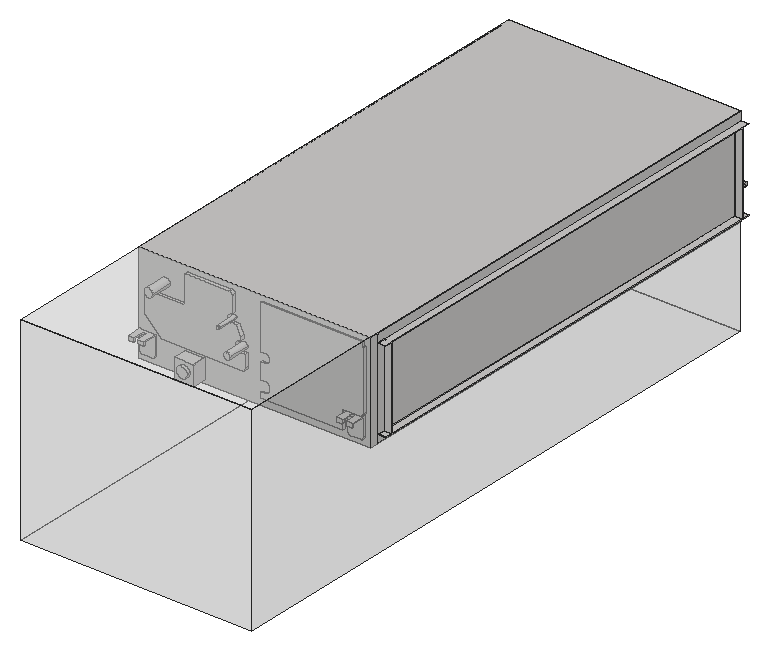
Revit family "outputfile", category 機械設備, Revit 2024
Family settings
  丸型コネクタ寸法 = 半径を使用
  パーツ タイプ = 標準
  OmniClass 番号 = 23.75.10.24.21.27.27
  OmniClass タイトル = Split System Air Conditioning Units
  作業面ベース = いいえ
  常に垂直 = はい
  ロード時にボイドで切り取り = いいえ
  注釈の向きを維持 = いいえ
  共有 = いいえ
  部屋計算ポイント = はい
Parameters (values of type "FXMQ200BFV2S")
  Description = ""
  製造元 = "Daikin"
  書き出し IFC クラス(タイプ) = "IfcUnitaryEquipmentType"
  定義済み IFC タイプ(タイプ) = "AIRCONDITIONINGUNIT"
  Cost = 0
  モデル = "FXMQ200BFV2S"
  Type Comments = ""
  Keynote = ""
  Type Image = (empty or 0)
  Assembly Code = ""
  w_dischargeflange = 1205.0 mm
  w_suctionflange = 1370.0 mm
  r_Liquid Pipe Size = Liquid Pipe Size / 2  # 4.75 mm
  r_Gas Pipe Size = Gas Pipe Size / 2  # 9.55 mm
  r_Drain Pipe Size = Drain Pipe Size / 2  # 12.5 mm
  lw_powersupply = 380.0 mm  # constant formula
  lw_mountinghole_pitch = 631.0 mm  # constant formula
  lw_mountinghole = 27.0 mm  # constant formula
  lw_maintenacesocket = 169.0 mm  # constant formula
  lw_liquidpipe = 290.0 mm  # constant formula
  lw_gaspipe = 318.0 mm  # constant formula
  lw_drainpipe = 80.0 mm  # constant formula
  lh_dischargeflange = 165.0 mm  # constant formula
  lh_powersupply = 56.0 mm  # constant formula
  lh_maintenacesocket = 40.0 mm  # constant formula
  lh_liquidpipe = 212.0 mm  # constant formula
  lh_gaspipe = 144.0 mm  # constant formula
  lh_drainpipe = 232.0 mm  # constant formula
  lh_suctionflange = 150.0 mm  # constant formula
  lh_antena = Height - lh_mountinghole + 1.0 mm  # 221.0 mm
  ld_dischargeflange = 635.0 mm
  ld_powersupply = Depth / 2  # 700.0 mm
  ld_mountinghole_pitch = 1438.0 mm
  ld_suctionflange = 713.0 mm
  h_dischargeflange = 265.0 mm  # constant formula
  lh_mountinghole = 80.0 mm  # constant formula
  h_mountinghole = [h***] + lh_mountinghole  # 80.0 mm
  h_suctionflange = 297.0 mm  # constant formula
  h*** = 0.0 mm  # constant formula
  d_dischargeflange = 25.0 mm  # constant formula
  d_pipe = 65.0 mm
  d_suctionflange = 25.0 mm  # constant formula
  Width = 700.0 mm
  Voltage_comment_50Hz = "220-240"
  Voltage_50Hz = 230 V
  Version = "ver.1.0"
  Unit Type = "Outdoor Air Processing Unit"
  Unit Mass Weight = 46.00 kg
  Unit Designation [instance] = ""
  Uniclass2015Version = "Products v1.30"
  Uniclass2015Title = "Variable refrigerant flow units"
  Uniclass2015Code = "Pr_70_65_03_94"
  URL = ""
  Total Cooling Capacity [instance] = 0.000 kW
  Supply Air Direction [instance] = yes
  Sound Pressure Level_M speed (dBA) = 35
  Sound Pressure Level_L speed (dBA) = 26
  Sound Pressure Level_H speed (dBA) = 42
  Sound Power Level_H speed (dB) = 0
  Series = "VRV Fan Coil Unit"
  Sensible Cooling Capacity [instance] = 0.000 kW
  SA Duct Size Width = 1160.0 mm
  SA Duct Size Height = 215.0 mm
  Refrigerant Type = "R410A"
  Power Input (Cooling) = 0.115 kW
  Phase_50Hz = 1
  Option Accessory 3 [instance] = ""
  Option Accessory 2 [instance] = ""
  Option Accessory 1 [instance] = ""
  OA Duct Size Width = 1325.0 mm
  OA Duct Size Height = 247.0 mm
  Nominal Cooling Capacity = 22.400 kW
  Minimum External Static Pressure = 50.00 Pa
  Minimum Circuit Amps_50Hz = 2.75 A
  Minimum Airflow = 870.00 m³/h
  Median Airflow = 1308.00 m³/h
  Maximum Fuse Amps_50Hz = 16.0 A
  Maximum External Static Pressure = 200.00 Pa
  Maximum Airflow = 1740.00 m³/h
  Material_Casing = DAIKIN_GalvanizedSteel_Casing_indoorunit
  Load Classification = HVAC
  Liquid Pipe Size = 9.5 mm
  Link_Nested Family [instance] = ""
  IfcVersion = "0"
  IfcExportType = "AIRCONDITIONINGUNIT"
  IfcExportAs = "IfcUnitaryEquipmentType"
  Height = 300.0 mm
  Heat Exchanger Type = "Cross Fin Coil"
  Gas Pipe Size = 19.1 mm
  Frequency_50Hz = 50 Hz
  Fan Type = "Sirocco Fan"
  Fan Drive = "Direct Drive"
  FCU Tag No. [instance] = ""
  Drain Pipe Size = 25.0 mm
  Design Supply Airflow [instance] = 0.00 m³/h
  Design Outdoor Airflow [instance] = 0.00 m³/h
  Design External Static Pressure [instance] = 0.00 Pa
  Depth = 1400.0 mm
  既定の高さ = 0.0 mm
  Cooling Entering Wet Bulb Temperature [instance] = 0.00 °C
  Cooling Entering Dry Bulb Temperature [instance] = 0.00 °C
  Cooling Ambient Wet Bulb Temperature [instance] = 0.00 °C
  Cooling Ambient Dry Bulb Temperature [instance] = 0.00 °C
  Clearance visibility [instance] = yes
  Clearance Top = 0.0 mm
  Clearance Right = 0.0 mm
  Clearance Rear = 0.0 mm
  Clearance Left = 0.0 mm
  Clearance Front = 450.0 mm
  Clearance Bottom = 300.0 mm
Reference planes
  plane 1 "Center (Front/Back)": y = 0
  plane 2: z = 0
  plane 3 "Center (Left/Right)": x = 0
  plane 4 "Back": y = 700
  plane 5 "Front": y = -700
  plane 6 "Left": x = -350
  plane 7 "Right": x = 350
  plane 8 "Top": z = 0
  plane 9 "Bottom": z = -300
  plane 10: y = 700
  plane 11: y = -1150
  plane 12: x = 350
  plane 13: x = -350
  plane 14: z = 0
  plane 15: z = -600
  plane 16: y = -706
  plane 17: y = -710
  plane 18: y = -741
  plane 19: y = -749
  plane 20: y = -765
  plane 21 "ld_drainpipe": x = -270
  plane 22 "ld_liquidpipe": x = -60
  plane 23 "ld_gaspipe": x = -32
  plane 24 "lh_gaspipe": z = -156
  plane 25 "lh_drainpipe": z = -68
  plane 26 "lh_liquidpipe": z = -88
  plane 27 "h_mountinghole": z = -220
  plane 28: x = -323
  plane 29: x = 308
  plane 30: y = 719
  plane 31: y = -719
  plane 32 "lh_powersuply": z = -244
  plane 33 "ld_powersupply": x = 30
  plane 34 "lh_suctionflange": z = -150
  plane 35 "ld_suctionflange": y = 13
  plane 36 "ld_dischargeflange": y = 65
  plane 37 "lh_dischargeflange": z = -135
  plane 38 "lh_maintenacesocket": z = -260
  plane 39 "lw_maintenacesocket": x = -181
Forms (mm)
  Extrusion 1, solid, material "DAIKIN_GalvanizedSteel_Casing_indoorunit" <- "Material_Casing"
    sketch origin (0, 0, 0) x (1, 0, 0) y (0, 0, 1)
      loop
        line (-350, 0) -> (-350, -300) -> (350, -300) -> (350, 0) -> (-350, 0)
    from -700 to 700
  Extrusion 2, solid, material "DAIKIN_GalvanizedSteel_Casing_indoorunit" <- "Material_Casing"
    sketch origin (0, 0, 0) x (1, 0, 0) y (0, 0, 1)
      loop
        line (23.104, -151.299) -> (41.1, -151.326)
        arc (41.1, -151.326) -> (46.767, -153.673) -> (49.114, -159.34) r 8.015
        line (49.114, -159.34) -> (49.104, -169.302)
        arc (49.104, -169.302) -> (46.761, -174.959) -> (41.104, -177.302) r 8
        line (41.104, -177.302) -> (23.104, -177.302) -> (23.104, -227.302) -> (41.104, -227.302)
        arc (41.104, -227.302) -> (46.761, -229.645) -> (49.104, -235.302) r 8
        line (49.104, -235.302) -> (49.104, -251.302)
        arc (49.104, -251.302) -> (46.761, -256.959) -> (41.104, -259.302) r 8
        line (41.104, -259.302) -> (23.104, -259.302) -> (23.104, -274.802) -> (271.104, -274.802) -> (271.104, -224.802)
        arc (271.104, -224.802) -> (272.568, -221.266) -> (276.104, -219.802) r 5
        line (276.104, -219.802) -> (327.104, -219.802)
        spline (327.104, -219.802) -> (327.496, -219.776) -> (327.88, -219.7) -> (328.252, -219.574) -> (328.604, -219.4) -> (328.93, -219.182) -> (329.225, -218.923) -> (329.484, -218.628) -> (329.702, -218.302) -> (329.876, -217.95) -> (330.002, -217.578) -> (330.078, -217.194) -> (330.104, -216.802)
        line (330.104, -216.802) -> (330.104, -213) -> (332, -213)
        arc (332, -213) -> (334.121, -212.121) -> (335, -210) r 3
        line (335, -210) -> (335, -32)
        arc (335, -32) -> (334.121, -29.879) -> (332, -29) r 3
        line (332, -29) -> (330.104, -29) -> (330.104, -15.8) -> (23.104, -15.8) -> (23.104, -151.299)
    from 700 to 706
  Extrusion 3, solid, material "DAIKIN_GalvanizedSteel_Casing_indoorunit" <- "Material_Casing"
    sketch origin (0, 0, 0) x (1, 0, 0) y (0, 0, 1)
      loop
        line (-70, -15.8) -> (-201, -15.8)
        arc (-201, -15.8) -> (-203.121, -16.679) -> (-204, -18.8) r 3
        line (-204, -18.8) -> (-204, -102) -> (-321, -102)
        arc (-321, -102) -> (-323.121, -102.879) -> (-324, -105) r 3
        line (-324, -105) -> (-324, -167.757)
        arc (-324, -167.757) -> (-323.772, -168.905) -> (-323.121, -169.879) r 3
        line (-323.121, -169.879) -> (-274.879, -218.121)
        arc (-274.879, -218.121) -> (-273.905, -218.772) -> (-272.757, -219) r 3
        line (-272.757, -219) -> (-30, -219)
        arc (-30, -219) -> (-22.929, -216.071) -> (-20, -209) r 10
        line (-20, -209) -> (-20, -172.5) -> (-26.169, -172.5)
        arc (-26.169, -172.5) -> (-49.051, -159.94) -> (-34, -138.615) r 17.5
        line (-34, -138.615) -> (-34, -127.5) -> (-47, -100.5) -> (-56.429, -100.5)
        arc (-56.429, -100.5) -> (-72.874, -89.803) -> (-60, -75) r 13
        line (-60, -75) -> (-60, -25.8)
        arc (-60, -25.8) -> (-62.929, -18.729) -> (-70, -15.8) r 10
    from 710 to 700
  Extrusion 4, solid, material "DAIKIN_GalvanizedSteel_Casing_indoorunit" <- "Material_Casing"
    sketch origin (0, 0, 0) x (1, 0, 0) y (0, 0, 1)
      loop
        line (-209.102, -232.7) -> (-209.102, -292.398) -> (-152.898, -292.398) -> (-152.898, -232.7)
        arc (-152.898, -232.7) -> (-153.133, -232.133) -> (-153.7, -231.898) r 0.802
        line (-153.7, -231.898) -> (-208.298, -231.898)
        arc (-208.298, -231.898) -> (-208.865, -232.133) -> (-209.102, -232.7) r 0.802
    from 700 to 741
  Extrusion 5, solid, material "DAIKIN_GalvanizedSteel_Casing_indoorunit" <- "Material_Casing"
    sketch origin (0, 0, 0) x (1, 0, 0) y (0, 0, 1)
      loop
        circle (-181, -260) r 16.5
    from 741 to 749
  Extrusion 6, solid, material "DAIKIN_GalvanizedSteel_Casing_indoorunit" <- "Material_Casing"
    sketch origin (0, 0, 0) x (1, 0, 0) y (0, 0, 1)
      loop
        circle (-270, -68) r 12.5
      loop
        circle (-60, -88) r 4.75
      loop
        circle (-32, -156) r 9.55
    from 700 to 765
Dimensions and locks
  "Height": plane 8 "Top" to plane 9 "Bottom"
  equal spacing: plane 6 "Left", plane 3 "Center (Left/Right)", plane 7 "Right", locked at 350 each
  "Width": plane 6 "Left" to plane 7 "Right"
  equal spacing: plane 4 "Back", plane 1 "Center (Front/Back)", plane 5 "Front"
  "Depth": plane 4 "Back" to plane 5 "Front"
  "Clearance Left": plane 13 to plane 6 "Left"
  "Clearance Right": plane 7 "Right" to plane 12
  "Clearance Rear": plane 10 to plane 4 "Back"
  "Clearance Front": plane 5 "Front" to plane 11
  "Clearance Top": plane 14 to plane 8 "Top"
  "Clearance Bottom": plane 9 "Bottom" to plane 15
  Extrusion 2 sketch curve to Extrusion 2 sketch curve to Extrusion 2 sketch curve = 307.0 mm locked, 4.896 mm locked
  Extrusion 2 sketch curve to Extrusion 2 sketch curve to Extrusion 2 sketch curve to Extrusion 2 sketch curve to Extrusion 2 sketch curve = 26.0 mm locked, 222.0 mm locked, 59.0 mm locked, 4.896 mm locked
  locked: Extrusion 2 sketch curve to Extrusion 2 sketch curve at 26.01
  locked: Extrusion 2 sketch curve to nested 1 at 23.104
  locked: Extrusion 2 sketch curve to plane 3 "Center (Left/Right)" at 23.104
  plane 3 "Center (Left/Right)" to Extrusion 2 sketch curve = 23.104 mm
  Extrusion 2 sketch curve to Extrusion 2 sketch curve to Extrusion 2 sketch curve to Extrusion 2 sketch curve to Extrusion 2 sketch curve = 161.502 mm locked, 50.0 mm locked, 32.0 mm locked, 15.5 mm locked
  locked: Extrusion 2 sketch curve to Extrusion 2 sketch curve at 68.127
  locked: Extrusion 2 sketch curve to Extrusion 2 sketch curve at 13.2
  locked: Extrusion 2 sketch curve to Extrusion 2 sketch curve at 6.802
  locked: Extrusion 2 sketch curve to Extrusion 2 sketch curve at 55
  locked: plane 5 "Front" to plane 16 at 6
  locked: plane 5 "Front" to plane 17 at 10
  locked: plane 5 "Front" to plane 18 at 41
  "d_pipe": plane 5 "Front" to plane 20
  "lw_drainpipe": plane 6 "Left" to plane 21 "ld_drainpipe"
  "lw_liquidpipe": plane 6 "Left" to plane 22 "ld_liquidpipe"
  "lw_gaspipe": plane 6 "Left" to plane 23 "ld_gaspipe"
  "lh_gaspipe": plane 24 "lh_gaspipe" to plane 9 "Bottom"
  "lh_liquidpipe": plane 26 "lh_liquidpipe" to plane 9 "Bottom"
  "lh_drainpipe": plane 25 "lh_drainpipe" to plane 9 "Bottom"
  "lh_mountinghole": plane 27 "h_mountinghole" to plane 9 "Bottom"
  "lw_mountinghole": plane 6 "Left" to plane 28
  "lw_mountinghole_pitch": plane 28 to plane 29
  equal spacing: plane 30, plane 1 "Center (Front/Back)", plane 31
  "ld_mountinghole_pitch": plane 30 to plane 31
  locked: Extrusion 3 sketch curve to plane 6 "Left" at 146
  locked: Extrusion 3 sketch curve to plane 6 "Left" at 290
  locked: plane 6 "Left" to Extrusion 3 sketch curve at 26
  locked: Extrusion 3 sketch curve to plane 6 "Left" at 316
  locked: Extrusion 3 sketch curve to plane 6 "Left" at 330
  locked: Extrusion 3 sketch curve to plane 9 "Bottom" at 81
  locked: Extrusion 3 sketch curve to plane 9 "Bottom" at 284.2
  locked: Extrusion 3 sketch curve to plane 9 "Bottom" at 199.5
  locked: Extrusion 3 sketch curve to plane 9 "Bottom" at 127.5
  locked: Extrusion 3 sketch curve to plane 9 "Bottom" at 198
  "lh_powersupply": plane 32 "lh_powersuply" to plane 9 "Bottom"
  "lw_powersupply": plane 6 "Left" to plane 33 "ld_powersupply"
  "lh_suctionflange": plane 34 "lh_suctionflange" to plane 9 "Bottom"
  "ld_suctionflange": plane 35 "ld_suctionflange" to plane 5 "Front"
  "ld_dischargeflange": plane 4 "Back" to plane 36 "ld_dischargeflange"
  "lh_dischargeflange": plane 37 "lh_dischargeflange" to plane 9 "Bottom"
  locked: plane 5 "Front" to plane 19 at 49
  "lh_maintenacesocket": plane 38 "lh_maintenacesocket" to plane 9 "Bottom"
  "lw_maintenacesocket": plane 6 "Left" to plane 39 "lw_maintenacesocket"
  equal spacing: Extrusion 4 sketch curve, plane 39 "lw_maintenacesocket", Extrusion 4 sketch curve
  locked: Extrusion 4 sketch curve to Extrusion 4 sketch curve at 56.204
  Extrusion 4 sketch curve to plane 38 "lh_maintenacesocket" to Extrusion 4 sketch curve = 28.102 mm locked, 32.398 mm locked
  "r_Drain Pipe Size": radius of Extrusion 6 sketch curve
  "r_Liquid Pipe Size": radius of Extrusion 6 sketch curve
  "r_Gas Pipe Size": radius of Extrusion 6 sketch curve
  aligned and locked: level to plane 2
  aligned and locked: Extrusion 1 sketch curve to plane 8 "Top"
  aligned and locked: plane 6 "Left" to Extrusion 1 sketch curve
  aligned and locked: plane 9 "Bottom" to Extrusion 1 sketch curve
  aligned and locked: Extrusion 1 sketch curve to plane 7 "Right"
  aligned and locked: plane 4 "Back" to Extrusion 1
  aligned and locked: Extrusion 1 to plane 5 "Front"
  aligned and locked: plane 10 to nested 1
  aligned and locked: plane 11 to nested 1
  aligned and locked: plane 12 to nested 1
  aligned and locked: nested 1 to plane 13
  aligned and locked: plane 15 to nested 1
  aligned and locked: plane 14 to nested 1
  aligned and locked: Extrusion 2 to plane 16
  aligned and locked: plane 5 "Front" to Extrusion 2
  aligned and locked: Extrusion 4 to plane 18
  aligned and locked: plane 5 "Front" to Extrusion 4
  aligned and locked: Extrusion 5 to plane 19
  aligned and locked: plane 18 to Extrusion 5
  aligned and locked: plane 25 "lh_drainpipe" to Extrusion 6 sketch curve
  aligned and locked: plane 21 "ld_drainpipe" to Extrusion 6 sketch curve
  aligned and locked: plane 26 "lh_liquidpipe" to Extrusion 6 sketch curve
  aligned and locked: plane 22 "ld_liquidpipe" to Extrusion 6 sketch curve
  aligned and locked: plane 23 "ld_gaspipe" to Extrusion 6 sketch curve
  aligned and locked: plane 24 "lh_gaspipe" to Extrusion 6 sketch curve
  aligned and locked: Extrusion 6 to plane 20
  aligned and locked: plane 5 "Front" to Extrusion 6
  aligned and locked: nested 2 to plane 5 "Front"
  aligned and locked: nested 2 to plane 21 "ld_drainpipe"
  aligned and locked: plane 25 "lh_drainpipe" to nested 2
  aligned and locked: nested 3 to plane 5 "Front"
  aligned and locked: nested 4 to plane 5 "Front"
  aligned and locked: plane 26 "lh_liquidpipe" to nested 3
  aligned and locked: plane 24 "lh_gaspipe" to nested 4
  aligned and locked: plane 29 to nested 5
  aligned and locked: plane 4 "Back" to nested 5
  aligned and locked: plane 27 "h_mountinghole" to nested 5
  aligned and locked: plane 28 to nested 6
  aligned and locked: plane 4 "Back" to nested 6
  aligned and locked: plane 27 "h_mountinghole" to nested 6
  aligned and locked: nested 7 to plane 29
  aligned and locked: plane 5 "Front" to nested 7
  aligned and locked: plane 5 "Front" to nested 8
  aligned and locked: nested 8 to plane 28
  aligned and locked: nested 7 to plane 27 "h_mountinghole"
  aligned and locked: nested 8 to plane 27 "h_mountinghole"
  aligned and locked: Extrusion 3 to plane 17
  aligned and locked: plane 5 "Front" to Extrusion 3
  aligned and locked: nested 11 to plane 28
  aligned and locked: nested 11 to plane 30
  aligned and locked: nested 12 to plane 29
  aligned and locked: nested 12 to plane 30
  aligned and locked: nested 9 to plane 29
  aligned and locked: plane 31 to nested 9
  aligned and locked: nested 10 to plane 28
  aligned and locked: plane 31 to nested 10
  aligned and locked: nested 13 to plane 32 "lh_powersuply"
  aligned and locked: plane 1 "Center (Front/Back)" to nested 14
  aligned and locked: nested 14 to plane 3 "Center (Left/Right)"
  aligned and locked: plane 34 "lh_suctionflange" to nested 15
  aligned and locked: plane 7 "Right" to nested 15
  aligned and locked: plane 35 "ld_suctionflange" to nested 15
  aligned and locked: nested 16 to plane 36 "ld_dischargeflange"
  aligned and locked: nested 16 to plane 6 "Left"
  aligned and locked: plane 37 "lh_dischargeflange" to nested 16
  aligned and locked: nested 17 to plane 6 "Left"
  aligned and locked: nested 17 to plane 36 "ld_dischargeflange"
  aligned and locked: plane 7 "Right" to nested 18
  aligned and locked: plane 35 "ld_suctionflange" to nested 18
  aligned and locked: nested 18 to plane 34 "lh_suctionflange"
  aligned and locked: nested 17 to plane 37 "lh_dischargeflange"
  aligned and locked: plane 38 "lh_maintenacesocket" to Extrusion 5 sketch curve
  aligned and locked: plane 39 "lw_maintenacesocket" to Extrusion 5 sketch curve
  aligned and locked: nested 3 to plane 22 "ld_liquidpipe"
  aligned and locked: nested 4 to plane 23 "ld_gaspipe"
  aligned and locked: nested 13 to plane 33 "ld_powersupply"
  aligned and locked: level to plane 8 "Top"
Automatic sketch dimensions
  Extrusion 2 sketch curve to Extrusion 2 sketch curve = 0.027 mm
  Extrusion 2 sketch curve to Extrusion 2 sketch curve = 8.015 mm
  Extrusion 2 sketch curve to Extrusion 2 sketch curve = 8.01 mm
  Extrusion 2 sketch curve to Extrusion 2 sketch curve = 0.0 mm  (x4)
  Extrusion 2 sketch curve to Extrusion 2 sketch curve = 8.0 mm  (x3)
  Extrusion 2 sketch curve to Extrusion 2 sketch curve = 5.0 mm
  Extrusion 2 sketch curve to Extrusion 2 sketch curve = 3.0 mm  (x2)
  Extrusion 2 sketch curve to Extrusion 2 sketch curve = 1.896 mm  (x2)
  Extrusion 2 sketch curve to plane 8 "Top" = 15.8 mm
  Extrusion 4 sketch curve to Extrusion 4 sketch curve = 0.804 mm
  Extrusion 4 sketch curve to Extrusion 4 sketch curve = 0.802 mm  (x2)
  Extrusion 4 sketch curve to Extrusion 4 sketch curve = 0.0 mm
  plane 23 "ld_gaspipe" to Extrusion 3 sketch curve = 0.0 mm
  Extrusion 3 sketch curve to plane 24 "lh_gaspipe" = 0.0 mm
  Extrusion 3 sketch curve to plane 26 "lh_liquidpipe" = 0.0 mm
  plane 28 to Extrusion 3 sketch curve = 0.121 mm
  Extrusion 3 sketch curve to plane 28 = 2.0 mm  (x2)
  plane 21 "ld_drainpipe" to Extrusion 3 sketch curve = 4.879 mm
  plane 21 "ld_drainpipe" to Extrusion 3 sketch curve = 2.757 mm
  Extrusion 3 sketch curve to Extrusion 3 sketch curve = 3.0 mm  (x2)
  plane 22 "ld_liquidpipe" to Extrusion 3 sketch curve = 10.0 mm
  Extrusion 3 sketch curve to plane 22 "ld_liquidpipe" = 3.571 mm
  Extrusion 3 sketch curve to Extrusion 3 sketch curve = 9.429 mm
  Extrusion 3 sketch curve to plane 23 "ld_gaspipe" = 2.0 mm
  Extrusion 3 sketch curve to plane 23 "ld_gaspipe" = 5.831 mm
  Extrusion 3 sketch curve to plane 24 "lh_gaspipe" = 11.757 mm
  Extrusion 3 sketch curve to Extrusion 3 sketch curve = 11.115 mm
  radius of Extrusion 5 sketch curve = 16.5 mm
Nested families
  nested 1: "daikin_clearancespace" at (0, -225, -299.881), visible <- "Clearance visibility", show <- "Clearance visibility", Link_Nested Family <- "Link_Nested Family", type "daikin_clearancespace"
    with width 700.0 mm, show yes, height 600.0 mm, depth 1850.0 mm, Link_Nested Family ""
  nested 2: "daikin_connector_rotate2" at (-270, -700, -68), length <- "d_pipe", radius <- "r_Drain Pipe Size", type "daikin_connector_rotate2"
    with radius 12.5 mm, length 65.0 mm, angle_vertical 90.00°, show_face no
  nested 3: "daikin_connector_rotate2" at (-60, -700, -88), length <- "d_pipe", radius <- "r_Liquid Pipe Size", type "daikin_connector_rotate2"
    with radius 4.75 mm, length 65.0 mm, angle_vertical 90.00°, show_face no
  nested 4: "daikin_connector_rotate2" at (-32, -700, -156), length <- "d_pipe", radius <- "r_Gas Pipe Size", type "daikin_connector_rotate2"
    with radius 9.55 mm, length 65.0 mm, angle_vertical 90.00°, show_face no
  nested 5: "daikin_hangerfixture_FXMQ-BFV2S" at (308, 700, -220) x (-1, 0, 0) z (0, 0, 1), type "daikin_hangerfixture_FXMQ-BFV2S"
  nested 6: "daikin_hangerfixture_FXMQ-BFV2S" at (-323, 700, -220) x (-1, 0, 0) z (0, 0, 1), type "daikin_hangerfixture_FXMQ-BFV2S"
  nested 7: "daikin_hangerfixture_FXMQ-BFV2S" at (308, -700, -220) x (-1, 0, 0) z (0, 0, 1), type "daikin_hangerfixture_FXMQ-BFV2S"
  nested 8: "daikin_hangerfixture_FXMQ-BFV2S" at (-323, -700, -220) x (-1, 0, 0) z (0, 0, 1), type "daikin_hangerfixture_FXMQ-BFV2S"
  nested 9: "daikin_mountinghole" at (308, -719, -300), Link_Nested Family <- "Link_Nested Family", l_antenna <- "lh_antena", h_mountinghole <- "h_mountinghole", type "daikin_mountinghole"
    with show yes, l_antenna 221.0 mm, h_mountinghole 80.0 mm, Link_Nested Family ""
  nested 10: "daikin_mountinghole" at (-323, -719, -300), Link_Nested Family <- "Link_Nested Family", l_antenna <- "lh_antena", h_mountinghole <- "h_mountinghole", type "daikin_mountinghole"
    with show yes, l_antenna 221.0 mm, h_mountinghole 80.0 mm, Link_Nested Family ""
  nested 11: "daikin_mountinghole" at (-323, 719, -300), Link_Nested Family <- "Link_Nested Family", l_antenna <- "lh_antena", h_mountinghole <- "h_mountinghole", type "daikin_mountinghole"
    with show yes, l_antenna 221.0 mm, h_mountinghole 80.0 mm, Link_Nested Family ""
  nested 12: "daikin_mountinghole" at (308, 719, -300), Link_Nested Family <- "Link_Nested Family", l_antenna <- "lh_antena", h_mountinghole <- "h_mountinghole", type "daikin_mountinghole"
    with show yes, l_antenna 221.0 mm, h_mountinghole 80.0 mm, Link_Nested Family ""
  nested 13: "daikin_connector_rotate2" at (30, 0, -244), length <- "ld_powersupply", type "daikin_connector_rotate2"
    with radius 10.0 mm, length 700.0 mm, angle_vertical 90.00°, show_face no
  nested 14: "daikin_△_symbolicline" at (0, 0, 300) x (0, -1, 0) z (0, 0, 1), visible <- "Supply Air Direction", built-in parameter 1001364 <- "Height", type "daikin_△_symbolicline"
    with length 300.0 mm
  nested 15: "daikin_ductflange_FXMQ-BFV2S" at (350, 13, -298.5) x (0, 1, 0) z (0, 0, 1), depth <- "d_suctionflange", height <- "h_suctionflange", width <- "w_suctionflange", material <- "Material_Casing", type "daikin_ductflange_FXMQ-BFV2S"
    with width 1370.0 mm, top1 25.0 mm, right1 22.5 mm, material DAIKIN_GalvanizedSteel_Casing_indoorunit, left1 22.5 mm, height 297.0 mm, depth 25.0 mm, Bottom1 25.0 mm
  nested 16: "daikin_ductflange_FXMQ-BFV2S" at (-350, 65, -267.5) x (0, -1, 0) z (0, 0, 1), material <- "Material_Casing", depth <- "d_dischargeflange", height <- "h_dischargeflange", width <- "w_dischargeflange", type "daikin_ductflange_FXMQ-BFV2S"
    with width 1205.0 mm, top1 25.0 mm, right1 22.5 mm, material DAIKIN_GalvanizedSteel_Casing_indoorunit, left1 22.5 mm, height 265.0 mm, depth 25.0 mm, Bottom1 25.0 mm
  nested 17: "daikin_connector_rotate2" at (-350, 65, -135) x (0, -1, 0) z (0, 0, 1), length <- "d_dischargeflange", type "daikin_connector_rotate2"
    with radius 10.0 mm, length 25.0 mm, angle_vertical 90.00°, show_face no
  nested 18: "daikin_connector_rotate2" at (350, 13, -150) x (0, 1, 0) z (0, 0, 1), length <- "d_suctionflange", type "daikin_connector_rotate2"
    with radius 10.0 mm, length 25.0 mm, angle_vertical 90.00°, show_face no
Connectors
  piping at (-270, -765, -68), diameter 25, driven by "r_Drain Pipe Size"
    settings: on nested 2, index 1, connector inside diameter 609.6 mm, connector length 0.0 mm, flow factor 0, pipe flow 0.00 m³/h, pressure drop 0.0 Pa, fitting loss kfactor 0, connector angle 0.00°, fixture units 0, engagement length 0.0 mm, angle of deflection 0.00°, flow configuration 1, flow direction 2, fitting loss method 4, system type 16, joint type 0, gender type 0, connector reference index -1, connector utility 0, adjustable connector no, is connector primary yes, connector description "Condensate Drain Piping"
  piping at (-60, -765, -88), diameter 9.5, driven by "r_Liquid Pipe Size"
    settings: on nested 3, index 2, connector inside diameter 609.6 mm, connector length 0.0 mm, flow factor 0, pipe flow 0.00 m³/h, pressure drop 0.0 Pa, fitting loss kfactor 0, connector angle 0.00°, fixture units 0, engagement length 0.0 mm, angle of deflection 0.00°, flow configuration 1, flow direction 1, fitting loss method 0, system type 29, joint type 0, gender type 0, connector reference index -1, connector utility 0, adjustable connector no, is connector primary no, connector description "Refrigerant Liquid Piping"
  piping at (-32, -765, -156), diameter 19.1, driven by "r_Gas Pipe Size"
    settings: on nested 4, index 3, connector inside diameter 609.6 mm, connector length 0.0 mm, flow factor 0, pipe flow 0.00 m³/h, pressure drop 0.0 Pa, fitting loss kfactor 0, connector angle 0.00°, fixture units 0, engagement length 0.0 mm, angle of deflection 0.00°, flow configuration 1, flow direction 2, fitting loss method 0, system type 29, joint type 0, gender type 0, connector reference index -1, connector utility 0, adjustable connector no, is connector primary no, connector description "Refrigerant Gas Piping"
  electrical at (30, -700, -244), driven by "Load Classification"
    settings: on nested 13, index 4, voltage 0 V, apparent load 0 VA, apparent load phase1 0 VA, apparent load phase2 0 VA, apparent load phase3 0 VA, power factor 1, load classification "HVAC", number of poles 1, system type 30, power factor state 1, is connector primary yes, connector utility no, sub classification motor no, connector description "Power Supply"
  hvac at (375, 13, -150), driven by "OA Duct Size Height", driven by "OA Duct Size Width"
    settings: on nested 15, index 5, duct flow 0.00 m³/h, flow factor 0, pres drop 0.00 Pa, loss coef 0, conn angle 0.00°, conn width 1325.0 mm, conn height 247.0 mm, conn diameter 609.6 mm, duct sys type 1, conn prof type 1, flow config 0, flow direction 1, loss method 4, conn ref index -1, conn util no, is conn primary no, conn desc "OA Duct"
  hvac at (-375, 65, -135), driven by "SA Duct Size Height", driven by "SA Duct Size Width"
    settings: on nested 16, index 6, duct flow 0.00 m³/h, flow factor 0, pres drop 0.00 Pa, loss coef 0, conn angle 0.00°, conn width 1160.0 mm, conn height 215.0 mm, conn diameter 609.6 mm, duct sys type 1, conn prof type 1, flow config 0, flow direction 2, loss method 4, conn ref index -1, conn util no, is conn primary yes, conn desc "SA Duct"
Definition of nested family "daikin_clearancespace"
  Parameters (values of type "daikin_clearancespace")
    width [instance] = 1823.963 mm
    show [instance] = yes
    material = none
    height [instance] = 1359.762 mm
    depth [instance] = 880.0 mm
    Default Elevation = 0.0 mm
    Link_Nested Family [instance] = ""
  Reference planes
    plane 1 "Center (Front/Back)": y = 0
    plane 2 "Center (Elevation)": z = -0.119
    plane 3 "Center (Left/Right)": x = 0
    plane 4: y = 440
    plane 5: y = -440
    plane 6 "Right": x = 911.982
    plane 7 "Left": x = -911.982
    plane 8 "Top": z = 679.762
    plane 9 "Bottom": z = -680
  Forms (mm)
    Extrusion 1, solid, material <- "material", visible <- "show"
      sketch origin (0, 0, 0) x (1, 0, 0) y (0, 1, 0)
        loop
          line (-911.982, 440) -> (-911.982, -440) -> (911.982, -440) -> (911.982, 440) -> (-911.982, 440)
      from -680 to 679.762
  Lines and regions (mm)
    symbolic lines, visible <- "show"
      curve 1: line (911.982, 440, 0) -> (-911.982, 440, 0)
      curve 2: line (-911.982, 440, 0) -> (-911.982, -440, 0)
      curve 3: line (-911.982, -440, 0) -> (911.982, -440, 0)
      curve 4: line (911.982, -440, 0) -> (911.982, 440, 0)
      curve 5: line (911.982, 0, 679.762) -> (-911.982, 0, 679.762)
      curve 6: line (911.982, 0, -680) -> (911.982, 0, 679.762)
      curve 7: line (-911.982, 0, -680) -> (911.982, 0, -680)
      curve 8: line (-911.982, 0, 679.762) -> (-911.982, 0, -680)
      curve 9: line (0, 440, 679.762) -> (0, -440, 679.762)
      curve 10: line (0, -440, 679.762) -> (0, -440, -680)
      curve 11: line (0, 440, -680) -> (0, 440, 679.762)
      curve 12: line (0, -440, -680) -> (0, 440, -680)
  Dimensions and locks
    "width": plane 7 "Left" to plane 6 "Right"
    "depth": plane 4 to plane 5
    "height": plane 8 "Top" to plane 9 "Bottom"
    equal spacing: plane 7 "Left", plane 3 "Center (Left/Right)", plane 6 "Right"
    equal spacing: plane 4, plane 1 "Center (Front/Back)", plane 5
    equal spacing: plane 8 "Top", plane 2 "Center (Elevation)", plane 9 "Bottom"
    aligned and locked: level to plane 2 "Center (Elevation)"
    aligned and locked: Extrusion 1 sketch curve to plane 4
    aligned and locked: plane 7 "Left" to Extrusion 1 sketch curve
    aligned and locked: Extrusion 1 sketch curve to plane 5
    aligned and locked: Extrusion 1 sketch curve to plane 6 "Right"
    aligned and locked: plane 8 "Top" to Extrusion 1
    aligned and locked: curve 1 to Extrusion 1
    aligned and locked: curve 2 to Extrusion 1
    aligned and locked: curve 3 to Extrusion 1
    aligned and locked: curve 4 to Extrusion 1
    aligned and locked: curve 5 to Extrusion 1
    aligned and locked: curve 6 to Extrusion 1
    aligned and locked: curve 7 to Extrusion 1
    aligned and locked: curve 8 to Extrusion 1
    aligned and locked: curve 9 to Extrusion 1
    aligned and locked: curve 10 to Extrusion 1
    aligned and locked: curve 11 to Extrusion 1
    aligned and locked: curve 12 to Extrusion 1
    aligned and locked: Extrusion 1 to plane 9 "Bottom"
Definition of nested family "daikin_hangerfixture_FXMQ-BFV2S"
  Parameters (values of type "daikin_hangerfixture_CeilingMountedDuct")
    width = 48.0 mm
    material = none
    height = 65.0 mm
    depth = 45.0 mm
    Default Elevation = 0.0 mm
  Reference planes
    plane 1 "Center (Front/Back)": y = 0
    plane 2: z = 0
    plane 3 "Center (Left/Right)": x = 0
    plane 4: y = 417.146
    plane 5: y = -45
    plane 6: x = -24
    plane 7: x = 24
    plane 8: z = -2.3
    plane 9: z = -65
    plane 10: y = -2.3
    plane 11: z = -12
    plane 12: y = -42.7
  Forms (mm)
    Extrusion 1, solid, material <- "material"
      sketch origin (0, 0, 0) x (1, 0, 0) y (0, 1, 0)
        loop
          line (24, 0) -> (-24, 0) -> (-24, -45) -> (-6, -45) -> (-6, -19)
          arc (-6, -19) -> (0, -13) -> (6, -19) r 6
          line (6, -19) -> (6, -45) -> (24, -45) -> (24, 0)
      from 0 to -2.3
    Extrusion 2, solid, material <- "material"
      sketch origin (0, 0, 0) x (1, 0, 0) y (0, 0, 1)
        loop
          line (24, -55) -> (24, 0) -> (-24, 0) -> (-24, -55)
          arc (-24, -55) -> (-21.071, -62.071) -> (-14, -65) r 10
          line (-14, -65) -> (14, -65)
          arc (14, -65) -> (21.071, -62.071) -> (24, -55) r 10
      from 0 to 2.3
    Extrusion 3, solid, material <- "material"
      sketch origin (0, 0, 0) x (1, 0, 0) y (0, 0, 1)
        loop
          line (-6, -9) -> (-6, 0) -> (-24, 0) -> (-24, -9)
          arc (-24, -9) -> (-23.121, -11.121) -> (-21, -12) r 3
          line (-21, -12) -> (-9, -12)
          arc (-9, -12) -> (-6.879, -11.121) -> (-6, -9) r 3
        loop
          line (6, 0) -> (6, -9)
          arc (6, -9) -> (6.879, -11.121) -> (9, -12) r 3
          line (9, -12) -> (21, -12)
          arc (21, -12) -> (23.121, -11.121) -> (24, -9) r 3
          line (24, -9) -> (24, 0) -> (6, 0)
      from 42.7 to 45
  Cuts and joins
    joined: Extrusion 1, Extrusion 2, Extrusion 3
  Dimensions and locks
    "width": plane 6 to plane 7
    "depth": plane 5 to plane 1 "Center (Front/Back)"
    plane 2 to plane 8 = 2.3 mm
    "height": plane 2 to plane 9
    locked: plane 10 to plane 1 "Center (Front/Back)" at 2.3
    locked: plane 2 to plane 11 at 12
    locked: plane 12 to plane 5 at 2.3
    aligned and locked: level to plane 2
    aligned and locked: Extrusion 1 sketch curve to plane 1 "Center (Front/Back)"
    aligned and locked: plane 7 to Extrusion 1
    aligned and locked: Extrusion 1 to plane 6
    aligned and locked: Extrusion 1 to plane 5  (x2)
    aligned and locked: Extrusion 1 to plane 8
    aligned and locked: plane 2 to Extrusion 1
    aligned and locked: plane 2 to Extrusion 2 sketch curve
    aligned and locked: Extrusion 2 to plane 9
    aligned and locked: Extrusion 2 to plane 10
    aligned and locked: Extrusion 2 to plane 1 "Center (Front/Back)"
    aligned and locked: plane 2 to Extrusion 3 sketch curve  (x2)
    aligned and locked: Extrusion 3 to plane 11  (x2)
    aligned and locked: plane 12 to Extrusion 3
    aligned and locked: Extrusion 3 to plane 5
  Automatic sketch dimensions
    Extrusion 1 sketch curve to plane 6 = 0.0 mm
    Extrusion 1 sketch curve to plane 5 = 0.0 mm  (x2)
    Extrusion 1 sketch curve to plane 3 "Center (Left/Right)" = 0.0 mm
    Extrusion 1 sketch curve to plane 7 = 0.0 mm
    Extrusion 1 sketch curve to plane 3 "Center (Left/Right)" = 6.0 mm
    plane 1 "Center (Front/Back)" to Extrusion 1 sketch curve = 19.0 mm
    Extrusion 2 sketch curve to plane 7 = 0.0 mm
    Extrusion 2 sketch curve to plane 7 = 10.0 mm
    Extrusion 2 sketch curve to plane 8 = 52.7 mm
    plane 6 to Extrusion 2 sketch curve = 10.0 mm
    Extrusion 2 sketch curve to plane 6 = 0.0 mm
    Extrusion 3 sketch curve to plane 6 = 0.0 mm
    Extrusion 3 sketch curve to plane 7 = 0.0 mm
    Extrusion 3 sketch curve to Extrusion 3 sketch curve = 3.0 mm  (x2)
    Extrusion 3 sketch curve to plane 8 = 6.7 mm
    Extrusion 3 sketch curve to plane 3 "Center (Left/Right)" = 9.0 mm
    Extrusion 3 sketch curve to plane 3 "Center (Left/Right)" = 6.0 mm
    plane 3 "Center (Left/Right)" to Extrusion 3 sketch curve = 6.0 mm
    Extrusion 3 sketch curve to plane 7 = 3.0 mm
    Extrusion 3 sketch curve to plane 8 = 9.7 mm
Definition of nested family "daikin_ductflange_FXMQ-BFV2S"
  Parameters (values of type "daikin_ductflange_CeilingMountedDuct")
    width [instance] = 670.0 mm
    right1 [instance] = 22.5 mm
    left1 [instance] = 22.5 mm
    Bottom1 [instance] = 25.0 mm
    material [instance] = none
    height [instance] = 272.0 mm
    depth [instance] = 25.0 mm
    top1 [instance] = 25.0 mm
    Default Elevation = 0.0 mm
  Reference planes
    plane 1 "Center (Front/Back)": y = 0
    plane 2: z = 0
    plane 3 "Center (Left/Right)": x = 0
    plane 4: y = -25
    plane 5: x = -335
    plane 6: x = 335
    plane 7 "Top": z = 272
    plane 8: y = -1
    plane 9: x = -312.5
    plane 10: x = 312.5
    plane 11: z = 247
    plane 12: z = 25
    plane 13 "Center (Elevation)": z = 136
  Forms (mm)
    Extrusion 1, solid, material <- "material"
      sketch origin (0, 0, 0) x (1, 0, 0) y (0, 0, 1)
        loop
          line (-335, 272) -> (-335, 0) -> (335, 0) -> (335, 272) -> (-335, 272)
        loop
          line (-312.5, 247) -> (-312.5, 25) -> (312.5, 25) -> (312.5, 247) -> (-312.5, 247)
      from 0 to 1
    Extrusion 2, solid, material <- "material"
      sketch origin (0, 0, 0) x (1, 0, 0) y (0, 1, 0)
        loop
          line (-312.5, -1) -> (-313.496, -1) -> (-313.496, -25) -> (-312.5, -25) -> (-312.5, -1)
        loop
          line (312.5, -1) -> (312.5, -25) -> (313.496, -25) -> (313.496, -1) -> (312.5, -1)
      from 25 to 247
    Extrusion 3, solid, material <- "material"
      sketch origin (0, 0, 0) x (0, 1, 0) y (0, 0, 1)
        loop
          line (-1, 247) -> (-1, 247.958) -> (-25, 247.958) -> (-25, 247) -> (-1, 247)
        loop
          line (-1, 25) -> (-25, 25) -> (-25, 24.042) -> (-1, 24.042) -> (-1, 25)
      from -335 to 335
  Cuts and joins
    joined: Extrusion 1, Extrusion 2, Extrusion 3
  Dimensions and locks
    "height": plane 7 "Top" to plane 2
    "width": plane 5 to plane 6
    equal spacing: plane 5, plane 3 "Center (Left/Right)", plane 6
    "depth": plane 1 "Center (Front/Back)" to plane 4
    locked: plane 8 to plane 1 "Center (Front/Back)" at 1
    "left1": plane 5 to plane 9
    "right1": plane 10 to plane 6
    locked: Extrusion 2 sketch curve to Extrusion 2 sketch curve at 0.996  (x2)
    "top1": plane 7 "Top" to plane 11
    "Bottom1": plane 12 to plane 2
    equal spacing: plane 7 "Top", plane 13 "Center (Elevation)", plane 2
    locked: Extrusion 3 sketch curve to Extrusion 2 at 0.958  (x2)
    aligned and locked: level to plane 2
    aligned and locked: Extrusion 1 sketch curve to plane 7 "Top"
    aligned and locked: plane 5 to Extrusion 1 sketch curve
    aligned and locked: Extrusion 1 sketch curve to plane 6
    aligned and locked: plane 2 to Extrusion 1 sketch curve
    aligned and locked: Extrusion 1 to plane 8
    aligned and locked: Extrusion 2 sketch curve to plane 8
    aligned and locked: Extrusion 2 sketch curve to plane 9
    aligned and locked: plane 8 to Extrusion 2 sketch curve
    aligned and locked: Extrusion 2 sketch curve to plane 10
    aligned and locked: plane 11 to Extrusion 2
    aligned and locked: Extrusion 2 to plane 12
    aligned and locked: plane 8 to Extrusion 3 sketch curve
    aligned and locked: Extrusion 3 sketch curve to plane 11
    aligned and locked: Extrusion 3 sketch curve to plane 8
    aligned and locked: Extrusion 3 sketch curve to plane 12
    aligned and locked: Extrusion 3 to plane 5
    aligned and locked: plane 6 to Extrusion 3
    aligned and locked: plane 4 to Extrusion 2 sketch curve
    aligned and locked: Extrusion 2 sketch curve to plane 4
    aligned and locked: plane 4 to Extrusion 3 sketch curve
    aligned and locked: Extrusion 3 sketch curve to plane 4
    aligned and locked: plane 9 to Extrusion 1 sketch curve
    aligned and locked: Extrusion 1 sketch curve to plane 10
    aligned and locked: plane 12 to Extrusion 1 sketch curve
    aligned and locked: Extrusion 1 sketch curve to plane 11
Definition of nested family "daikin_connector_rotate2"
  Parameters (values of type "daikin_connector_rotate2")
    show_face = yes
    radius [instance] = 10.0 mm
    length [instance] = 600.0 mm
    d_surface = 10.0 mm
    angle_vertical [instance] = 90.00°
    Default Elevation = 0.0 mm
  Reference planes
    plane 1 "Center (Front/Back)": y = 0
    plane 2: z = 0
    plane 3 "Center (Left/Right)": x = 0
  Forms (mm)
    Extrusion 1, solid, visible <- "show_face"
      sketch origin (0, -600, 0) x (1, 0, 0) y (0, 0, 1)
        loop
          circle (0, 0) r 10
      from 0 to -10
  Lines and regions (mm)
    reference lines
      curve 1: line (0, 0, 0) -> (0, -600, 0)
    symbolic lines
      curve 2: circle (0, 0, 0) r 5 normal (0, 0, 1)
    model lines, visible <- "show_face"
      curve 3: line (0, 0, 0) -> (0, -600, 0)
  Dimensions and locks
    "length": curve 1 to curve 1
    "length": curve 3 to curve 3
    "d_surface": Extrusion 1 to Extrusion 1
    "radius": radius of Extrusion 1 sketch curve
    "angle_vertical": angle curve 1 to plane 1 "Center (Front/Back)"
    "angle_vertical": angle curve 3 to plane 1 "Center (Front/Back)"
    aligned and locked: level to plane 2
    aligned and locked: plane 1 "Center (Front/Back)" to curve 1
    aligned and locked: plane 2 to curve 1
    aligned and locked: plane 1 "Center (Front/Back)" to curve 2
    aligned and locked: plane 3 "Center (Left/Right)" to curve 2
    aligned and locked: plane 1 "Center (Front/Back)" to curve 3
    aligned and locked: plane 2 to curve 3
    aligned and locked: Extrusion 1 to Extrusion 1
  Automatic sketch dimensions
    Extrusion 1 sketch curve to level = 0.0 mm
    Extrusion 1 sketch curve to plane 3 "Center (Left/Right)" = 0.0 mm
    radius of curve 2 = 5.0 mm
Definition of nested family "daikin_mountinghole"
  Parameters (values of type "daikin_mountinghole")
    Default Elevation = 1219.2 mm
    Type Comments = "mountinghole"
    show [instance] = yes
    material = none
    l_centerline = 100.0 mm
    l_antenna [instance] = 100.0 mm
    h_mountinghole [instance] = 0.0 mm
    d_circle = 30.0 mm
    Link_Nested Family [instance] = ""
  Reference planes
    plane 1 "Center (Front/Back)": y = 0
    plane 2: z = 0
    plane 3 "Center (Left/Right)": x = 0
    plane 4: y = 50
    plane 5: x = -50
    plane 6: x = 50
    plane 7: y = -50
    plane 8 "h_mountinghole": z = 0
    plane 9: z = 100
  Lines and regions (mm)
    model lines, detail levels fine
      curve 1: circle (0, 0, 0) r 15 normal (0, 0, 1)
      curve 2: line (-50, 0, 0) -> (50, 0, 0)
      curve 3: line (0, 50, 0) -> (0, -50, 0)
    symbolic lines, detail levels fine
      curve 4: circle (0, 0, 0) r 15 normal (0, 0, 1)
      curve 5: line (-50, 0, 0) -> (50, 0, 0)
      curve 6: line (0, 50, 0) -> (0, -50, 0)
    model lines
      curve 7: line (0, 0, 100) -> (0, 0, 0)
  Dimensions and locks
    equal spacing: plane 4, plane 1 "Center (Front/Back)", plane 7
    "l_centerline": plane 4 to plane 7
    equal spacing: plane 5, plane 3 "Center (Left/Right)", plane 6
    "l_centerline": plane 5 to plane 6
    "l_antenna": plane 9 to plane 8 "h_mountinghole"
    "h_mountinghole": plane 8 "h_mountinghole" to plane 2
    "d_circle": diameter of curve 1
    "d_circle": diameter of curve 4
    aligned and locked: level to plane 2
    aligned and locked: plane 1 "Center (Front/Back)" to curve 1
    aligned and locked: plane 3 "Center (Left/Right)" to curve 1
    aligned and locked: plane 1 "Center (Front/Back)" to curve 2
    aligned and locked: curve 3 to plane 3 "Center (Left/Right)"
    aligned and locked: plane 6 to curve 2
    aligned and locked: plane 5 to curve 2
    aligned and locked: plane 4 to curve 3
    aligned and locked: plane 7 to curve 3
    aligned and locked: plane 1 "Center (Front/Back)" to curve 4
    aligned and locked: plane 3 "Center (Left/Right)" to curve 4
    aligned and locked: plane 6 to curve 5
    aligned and locked: plane 5 to curve 5
    aligned and locked: plane 1 "Center (Front/Back)" to curve 5
    aligned and locked: plane 4 to curve 6
    aligned and locked: plane 7 to curve 6
    aligned and locked: curve 6 to plane 3 "Center (Left/Right)"
    aligned and locked: curve 7 to plane 3 "Center (Left/Right)"
    aligned and locked: plane 9 to curve 7
    aligned and locked: plane 8 "h_mountinghole" to curve 7
Definition of nested family "daikin_△_symbolicline"
  Parameters (values of type "daikin_△_symbolicline")
    length [instance] = 500.0 mm
    Default Elevation = 0.0 mm
  Reference planes
    plane 1 "Center (Front/Back)": y = 0
    plane 2: z = 0
    plane 3 "Center (Left/Right)": x = 0
  Lines and regions (mm)
    symbolic lines
      curve 1: line (0, -433.013, 0) -> (250, 0, 0)
      curve 2: line (250, 0, 0) -> (-250, 0, 0)
      curve 3: line (-250, 0, 0) -> (0, -433.013, 0)
  Dimensions and locks
    equal spacing: curve 3, plane 3 "Center (Left/Right)", curve 2
    "length": curve 3 to curve 2
    "length": curve 3 to curve 3
    "length": curve 1 to curve 1
    aligned and locked: level to plane 2
    aligned and locked: curve 2 to plane 1 "Center (Front/Back)"
    aligned and locked: plane 3 "Center (Left/Right)" to curve 3
